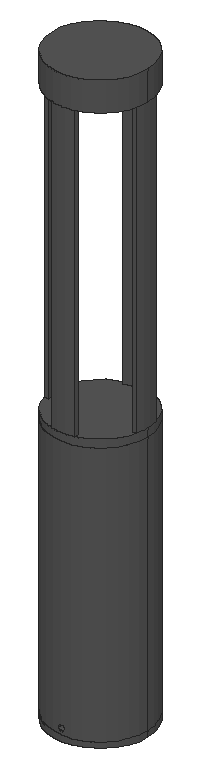
Revit family "PILLER ROUND LED BOLLARD", category Lighting Fixtures, host Face, Revit 2020
Family settings
  Host = Face
  Round Connector Dimension = Use Diameter
  Part Type = Normal
  Cut with Voids When Loaded = No
  Light Source = Yes
  Shared = No
  Room Calculation Point = No
Parameters (values of type "PRBD40H-20301-V-BK")
  Wattage Comments = ""
  Wattage = 9.15566 W
  WATTS = 20 W
  built-in parameter 1150110 = 1 (stored number, unit not read)
  Voltage Comments = "120-277 V"  # constant formula
  Voltage = 277 V
  URL = "https://www.abovealllighting.com/product/LED-OUTDOOR-FIXTURES/LEDBOLLARDS/PillarRoundLEDBollard.html"
  Type Comments = "PILLAR ROUND LED BOLLARD"  # constant formula
  built-in parameter 1114217 = 1 (stored number, unit not read)
  Tilt Angle = -90.00°
  built-in parameter 1150109 = 1 (stored number, unit not read)
  built-in parameter 1150134 = (empty or 0)
  built-in parameter 1150113 = 1 (stored number, unit not read)
  Photometric Web File = "PRBD40H-20301-BK-120V_IESNA2002.IES"
  Order number = "17114"
  Model = "PRBD40H-20301-V-BK"
  Manufacturer = "Above All Lighting"  # constant formula
  built-in parameter 1150105 = 108.23 (stored number, unit not read)
  Lumens = 1360 lm
  built-in parameter 1150115 = 1 (stored number, unit not read)
  Light lenght frm base = 3' - 3 95/256"
  built-in parameter 1150137 = (empty or 0)
  built-in parameter 1150139 = (empty or 0)
  built-in parameter 1150112 = 1 (stored number, unit not read)
  built-in parameter 1150114 = 1 (stored number, unit not read)
  built-in parameter 1150132 = 2
  built-in parameter 1150102 = (empty or 0)
  built-in parameter 1150107 = 3000 (stored number, unit not read)
  built-in parameter 1150138 = (empty or 0)
  built-in parameter 1150106 = 1.0823 (stored number, unit not read)
  IP Rating = "65"  # constant formula
  Fixture Radius = 0' - 3.14961"
  Fixture Diameter = Fixture Radius * 2  # 0' - 6.29921"
  Finish/Color = Black
  built-in parameter 1150104 = 13.8 (stored number, unit not read)
  Dimming Lamp Color Temperature Shift = <None>
  Description = "The Pillar round led bollard has UV powder coated die cast high quality aluminum body, tempered \r\nsafety glass, moulded silicone gasket and stainless steel screws. This bollard is an excellent choice\r\nfor walkways, entrances, promenades, plazas, courtyards, driveways, bridges, and landscaped areas."  # constant formula
  Default Elevation = 4' - 0"
  Color Filter = 16777215
  CRI = "80"  # constant formula
  built-in parameter 1114218 = 1 (stored number, unit not read)
  Average life based on 104F(HRS) = "50000"  # constant formula
  built-in parameter 1150133 = 10 (stored number, unit not read)
  Apparent Load = 25 VA
Types (5): name | Wattage | WATTS | built-in parameter 1150134 | Photometric Web File | Order number | Model | built-in parameter 1150105 | Lumens | built-in parameter 1150107 | built-in parameter 1150106 | Apparent Load
  (no name) | 9.15566 W | 20 W | (empty or 0) | "PRBD40H-20301-BK-120V_IESNA2002.IES" | "17114" | "PRBD40H-20301-V-BK" | 108.23 (stored number, unit not read) | 1360 lm | 3000 (stored number, unit not read) | 1.0823 (stored number, unit not read) | 25 VA
  PRBD40H-20401-V-BK | 9.15566 W | 20 W | 12 | "generic" | "17115" | "PRBD40H-20401-V-BK" | 108.23 (stored number, unit not read) | 1360 lm | 4000 (stored number, unit not read) | 1.0823 (stored number, unit not read) | 25 VA
  PRBD40H-20301-V-BK | 9.15566 W | 20 W | (empty or 0) | "PRBD40H-20301-BK-120V_IESNA2002.IES" | "17114" | "PRBD40H-20301-V-BK" | 108.23 (stored number, unit not read) | 1360 lm | 3000 (stored number, unit not read) | 1.0823 (stored number, unit not read) | 25 VA
  PRBD40H-10401-V-BK | 3.50069 W | 10 W | 12 | "generic" | "16965" | "PRBD40H-10401-V-BK" | 41.38 (stored number, unit not read) | 520 lm | 4000 (stored number, unit not read) | 0.4138 (stored number, unit not read) | 12.5 VA
  PRBD40H-10301-V-BK | 3.50069 W | 10 W | (empty or 0) | "generic" | "16964" | "PRBD40H-10301-V-BK" | 41.38 (stored number, unit not read) | 520 lm | 3000 (stored number, unit not read) | 0.4138 (stored number, unit not read) | 12.5 VA
Reference planes (in)
  plane 1 "Center (Front/Back)": y = 0
  plane 2: z = 0
  plane 3 "Center (Left/Right)": x = 0
  plane 4: z = 39.37109
  plane 5: y = 2.95276
  plane 6: y = -2.95276
  plane 7: x = -2.95276
  plane 8: x = 2.95276
  plane 9: z = 19.75
Dimensions and locks (in)
  "Light lenght frm base": plane 4 to plane 2
  equal spacing: plane 7, plane 3 "Center (Left/Right)", plane 8
  plane 7 to plane 8 = 0' - 5.90551"
  equal spacing: plane 5, plane 1 "Center (Front/Back)", plane 6
  plane 5 to plane 6 = 0' - 5.90551"
  locked: plane 9 to plane 2 at 19.75
  aligned and locked: plane 2 to host face
  aligned and locked: level to host face
  aligned and locked: plane 1 "Center (Front/Back)" to nested 1
  aligned and locked: plane 3 "Center (Left/Right)" to nested 1
  aligned and locked: nested 1 to plane 2
  aligned and locked: plane 9 to imposter light
  aligned and locked: plane 3 "Center (Left/Right)" to imposter light
Automatic sketch dimensions
  host sketch curve to host sketch curve = 8' - 0"  (x2)
Nested families (in)
  nested 1: "PILLAR ROUND NEST FAMILY" at (0, 0, 0), Light lenght frm base <- "Light lenght frm base", Fixture Radius <- "Fixture Radius", Body Material <- "Finish/Color", type "PILLAR ROUND NEST FAMILY"
    with Light lenght frm base 3' - 3 95/256", Fixture Radius 0' - 3.14961", Fixture Diameter 0' - 6.29921", Body Material Black
Connectors (in)
  electrical at (0, 0, 0), driven by "Voltage", driven by "Apparent Load"
    settings: on host face, index 1, voltage 277 V, apparent load 25 VA, apparent load phase1 0 VA, apparent load phase2 0 VA, apparent load phase3 0 VA, power factor 1, load classification "Lighting", number of poles 1, system type 30, power factor state 1, is connector primary yes, connector utility no, sub classification motor no, connector description ""
Definition of nested family "PILLAR ROUND NEST FAMILY"
  Parameters (values of type "PILLAR ROUND NEST FAMILY")
    Light lenght frm base [instance] = 3' - 3.37"
    Fixture Radius [instance] = 0' - 3.14961"
    Fixture Diameter [instance] = Fixture Radius * 2  # 0' - 6.29921"
    Default Elevation = 0' - 0"
    Body Material [instance] = none
  Reference planes (in)
    plane 1 "Center (Front/Back)": y = 0
    plane 2: z = 0
    plane 3 "Center (Left/Right)": x = 0
    plane 4: z = 39.37
    plane 5: z = 37.4325
    plane 6: z = 17.71646
    plane 7: z = 18.21646
    plane 8: z = 0.39362
  Forms (in)
    Extrusion 1, solid, material <- "Body Material"
      sketch origin (0, 0, 0) x (1, 0, 0) y (0, 1, 0)
        loop
          circle (0, 0) r 3.14961
      from 0 to 0.39362
    Extrusion 2, solid, material <- "Body Material"
      sketch origin (0, 0, 0) x (1, 0, 0) y (0, 1, 0)
        loop
          circle (0, 0) r 3.14961
      from 0.39362 to 17.71646
    Extrusion 3, solid, material <- "Body Material"
      sketch origin (0, 0, 0) x (1, 0, 0) y (0, 1, 0)
        loop
          circle (0, 0) r 3.14961
      from 17.71646 to 18.21646
    Extrusion 4, solid, material <- "Body Material"
      sketch origin (0, 0, 0) x (1, 0, 0) y (0, 1, 0)
        loop
          arc (-3.05141, 0.78033) -> (-3.14961, 0) -> (-3.05141, -0.78033) r 3.14961
          line (-3.05141, -0.78033) -> (-2.78486, -0.78033)
          arc (-2.78486, -0.78033) -> (-2.89212, 0) -> (-2.78486, 0.78033) r 2.89212
          line (-2.78486, 0.78033) -> (-3.05141, 0.78033)
        loop
          line (0.78033, -3.05141) -> (0.78033, -2.78486)
          arc (0.78033, -2.78486) -> (0, -2.89212) -> (-0.78033, -2.78486) r 2.89212
          line (-0.78033, -2.78486) -> (-0.78033, -3.05141)
          arc (-0.78033, -3.05141) -> (0, -3.14961) -> (0.78033, -3.05141) r 3.14961
        loop
          line (-0.78033, 3.05141) -> (-0.78033, 2.78486)
          arc (-0.78033, 2.78486) -> (0, 2.89212) -> (0.78033, 2.78486) r 2.89212
          line (0.78033, 2.78486) -> (0.78033, 3.05141)
          arc (0.78033, 3.05141) -> (0, 3.14961) -> (-0.78033, 3.05141) r 3.14961
        loop
          arc (3.05141, -0.78033) -> (3.14961, 0) -> (3.05141, 0.78033) r 3.14961
          line (3.05141, 0.78033) -> (2.78486, 0.78033)
          arc (2.78486, 0.78033) -> (2.89212, 0) -> (2.78486, -0.78033) r 2.89212
          line (2.78486, -0.78033) -> (3.05141, -0.78033)
      from 18.21646 to 37.4325
    Extrusion 5, solid, material <- "Body Material"
      sketch origin (0, 0, 0) x (1, 0, 0) y (0, 1, 0)
        loop
          circle (0, 0) r 3.14961
      from 37.4325 to 39.37
    Extrusion 6, void
      sketch origin (0, 0, 0) x (1, 0, 0) y (0, 0, 1)
        loop
          circle (0, 0.81595) r 0.19027
      from 2.41624 to 3.18779
  Cuts and joins
    Extrusion 6 cuts Extrusion 2
  Dimensions and locks (in)
    plane 8 to plane 2 = 0' - 0.39362"
    plane 6 to plane 8 = 1' - 5.32283"
    plane 7 to plane 6 = 0' - 0 1/2"
    plane 4 to plane 6 = 1' - 9.65354"
    "Light lenght frm base": plane 4 to plane 2
    locked: plane 4 to plane 5 at 1.9375
    "Fixture Radius": radius of Extrusion 1 sketch curve
    "Fixture Radius": radius of Extrusion 2 sketch curve
    "Fixture Radius": radius of Extrusion 3 sketch curve
    "Fixture Radius": radius of Extrusion 4 sketch curve  (x4)
    "Fixture Radius": radius of Extrusion 5 sketch curve
    aligned and locked: plane 2 to level
    aligned and locked: Extrusion 1 to plane 2
    aligned and locked: plane 8 to Extrusion 1
    aligned and locked: plane 6 to Extrusion 2
    aligned and locked: Extrusion 2 to plane 8
    aligned and locked: Extrusion 3 to plane 6
    aligned and locked: plane 7 to Extrusion 3
    aligned and locked: plane 5 to Extrusion 4
    aligned and locked: Extrusion 4 to plane 7
    aligned and locked: plane 4 to Extrusion 5
    aligned and locked: Extrusion 5 to plane 5
  Automatic sketch dimensions
    Extrusion 6 sketch curve to plane 3 "Center (Left/Right)" = 0' - 0"
    plane 8 to Extrusion 6 sketch curve = 0' - 0.42232"
    plane 1 "Center (Front/Back)" to Extrusion 1 sketch curve = 0' - 0"
    Extrusion 1 sketch curve to plane 3 "Center (Left/Right)" = 0' - 0"
    Extrusion 2 sketch curve to Extrusion 2 sketch curve = 0' - 0"  (x2)
    plane 1 "Center (Front/Back)" to Extrusion 2 sketch curve = 0' - 0"
    Extrusion 2 sketch curve to plane 3 "Center (Left/Right)" = 0' - 0"
    Extrusion 3 sketch curve to Extrusion 3 sketch curve = 0' - 0"  (x2)
    plane 1 "Center (Front/Back)" to Extrusion 3 sketch curve = 0' - 0"
    Extrusion 3 sketch curve to plane 3 "Center (Left/Right)" = 0' - 0"
    Extrusion 4 sketch curve to Extrusion 4 sketch curve = 0' - 0"  (x56)
    plane 1 "Center (Front/Back)" to Extrusion 4 sketch curve = 0' - 0"
    Extrusion 4 sketch curve to plane 3 "Center (Left/Right)" = 0' - 0"
    Extrusion 4 sketch curve to plane 3 "Center (Left/Right)" = 0' - 0.78033"  (x2)
    Extrusion 4 sketch curve to plane 1 "Center (Front/Back)" = 0' - 0.78033"  (x2)
    Extrusion 4 sketch curve to Extrusion 4 sketch curve = 0' - 0.26655"  (x4)
    plane 1 "Center (Front/Back)" to Extrusion 4 sketch curve = 0' - 0.78033"  (x2)
    plane 3 "Center (Left/Right)" to Extrusion 4 sketch curve = 0' - 0.78033"  (x2)
    Extrusion 5 sketch curve to Extrusion 5 sketch curve = 0' - 0"  (x2)
    plane 1 "Center (Front/Back)" to Extrusion 5 sketch curve = 0' - 0"
    Extrusion 5 sketch curve to plane 3 "Center (Left/Right)" = 0' - 0"
    radius of Extrusion 6 sketch curve = 0' - 0.19027"
